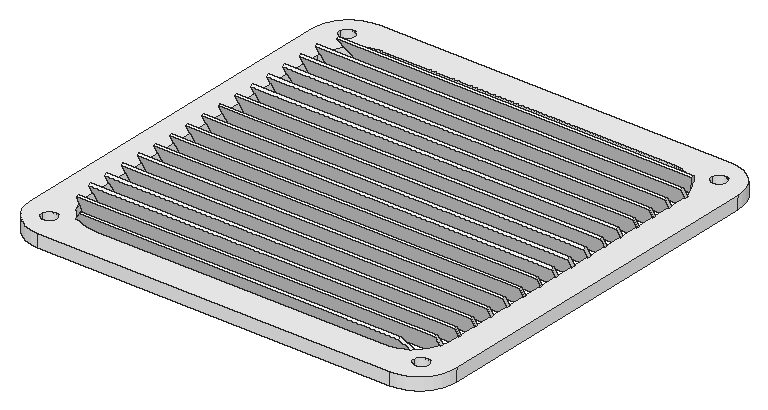
Revit family "111110004403001", category Generic Models, host Face, Revit 2018
Family settings
  Host = Face
  Can host rebar = No
  Round Connector Dimension = Use Diameter
  Part Type = Normal
  Cut with Voids When Loaded = No
  Shared = No
  Room Calculation Point = No
Parameters (values of type "CELOSIA CON PESTANA PP 17X17CM BLANCO")
  Ventajas = ""
  Uso = "Se utiliza como sistema de ventilación en Puertas, Shaft, Muro y Tina"
  Url Ficha tecnica = "https://empresascnp.cl/wp-content/uploads//pdf/ficha-tecnica-celosia-plana-pp-15x15cm-blanco.pdf"
  Unidad = "Por unidad"
  URL = "https://www.empresascnp.cl/"
  Num SKUs = "111110004403001"
  Nombre SKU = "CELOSIA CON PESTANA PP 17X17CM BLANCO"
  Model = "CELOSIA CON PESTANA"
  Material = PP Blanco
  Largo = 170.00 mm
  Espesor = 1.00 mm
  Empresa = "CNP SPA."
  Default Elevation = 1000.00 mm
  Dureza = ""
  Dimension = 170.00 mm
  Description = "Celosía plana 17x17"
  Assembly Code = ""
  Contacto = "info@empresascnp.cl"
  Color = "Blanco"
  Aplicacion = "Se utiliza como sistema de ventilación en puertas, muro y tinas"
Reference planes
  plane 1: z = 0
  plane 2 "level above": z = 15
  plane 3 "level below": z = -50
  plane 4 "izq": x = -176.738
  plane 5: y = 105.02
  plane 6: y = 20.02
  plane 7: y = 30.02
  plane 8: y = 10.02
  plane 9: x = -91.738
  plane 10: x = -81.738
  plane 11: x = -101.738
  plane 12: y = -64.98
  plane 13 "2": x = -6.738
  plane 14: y = 92.939
  plane 15: x = -164.656
  plane 16: x = -18.82
Forms (mm)
  Extrusion 1, solid, material "PP Blanco" <- "Material"
    sketch origin (0, 0, -15) x (1, 0, 0) y (0, 1, 0)
      loop
        arc (-161.738, 105.02) -> (-172.345, 100.627) -> (-176.738, 90.02) r 15
        line (-176.738, 90.02) -> (-176.738, -49.98)
        arc (-176.738, -49.98) -> (-172.345, -60.586) -> (-161.738, -64.98) r 15
        line (-161.738, -64.98) -> (-21.738, -64.98)
        arc (-21.738, -64.98) -> (-11.132, -60.586) -> (-6.738, -49.98) r 15
        line (-6.738, -49.98) -> (-6.738, 90.02)
        arc (-6.738, 90.02) -> (-11.132, 100.627) -> (-21.738, 105.02) r 15
        line (-21.738, 105.02) -> (-161.738, 105.02)
      loop
        circle (-165.906, 94.189) r 3
      loop
        circle (-17.57, 94.189) r 3
      loop
        circle (-165.906, -54.148) r 3
      loop
        circle (-17.57, -54.148) r 3
      loop
        arc (-149.031, 92.939) -> (-160.08, 88.362) -> (-164.656, 77.313) r 15.625
        line (-164.656, 77.313) -> (-164.656, -37.272)
        arc (-164.656, -37.272) -> (-160.08, -48.321) -> (-149.031, -52.898) r 15.625
        line (-149.031, -52.898) -> (-34.445, -52.898)
        arc (-34.445, -52.898) -> (-23.397, -48.321) -> (-18.82, -37.272) r 15.625
        line (-18.82, -37.272) -> (-18.82, 77.313)
        arc (-18.82, 77.313) -> (-23.397, 88.362) -> (-34.445, 92.939) r 15.625
        line (-34.445, 92.939) -> (-149.031, 92.939)
    from 15 to 20
  Revolve 2, void, not visible
    sketch origin (-150.829, 0, 5) x (-1, 0, 0) y (0, 1, 0)
      loop
        line (-149.164, 92.939) -> (-149.164, 94.562) -> (-184.164, 94.562) -> (-184.164, 77.939) -> (-164.164, 77.939)
        arc (-164.164, 77.939) -> (-159.771, 88.545) -> (-149.164, 92.939) r 15
      axis (-149.164, 94.562) -> (-149.164, 77.939)
    angle from 0 to -90
  Extrusion 3, solid, not visible
    sketch origin (-176.738, 0, 5) x (0, 1, 0) y (0, 0, 1)
      loop
        line (77.939, 15) -> (77.939, 0) -> (92.939, 0)
        arc (92.939, 0) -> (88.545, 10.607) -> (77.939, 15) r 15
    from 12.574 to 190.074
  Revolve 4, void, not visible
    sketch origin (0, 0, 5) x (1, 0, 0) y (0, 1, 0)
      loop
        line (-149.164, 92.939) -> (-149.164, 94.493) -> (-184.164, 94.493) -> (-184.164, 77.939) -> (-164.164, 77.939)
        arc (-164.164, 77.939) -> (-159.771, 88.545) -> (-149.164, 92.939) r 15
      axis (-149.164, 94.493) -> (-149.164, 77.939)
    angle from 0 to -90
  Extrusion 5, solid, material "PP Blanco" <- "Material"
    sketch origin (0, 52.319, 67.456) x (1, 0, 0) y (0, 0.48481, -0.87462)
      loop
        line (-158.215, 77.313) -> (-162.46, 67.313) -> (-21.008, 67.313) -> (-25.252, 77.313) -> (-158.215, 77.313)
    from 0 to 1
  Extrusion 6, solid, material "PP Blanco" <- "Material"
    sketch origin (0, -84.798, 67.456) x (1, 0, 0) y (0, 0.48481, -0.87462)
      loop
        line (-162.839, 77.313) -> (-155.574, 67.313) -> (-28.272, 67.313) -> (-21.006, 77.313) -> (-162.839, 77.313)
    from 0 to 1
  Extrusion 7, solid, material "PP Blanco" <- "Material"
    sketch origin (0, 44.253, 67.456) x (1, 0, 0) y (0, 0.48481, -0.87462)
      loop
        line (-164.656, 77.313) -> (-164.656, 67.313) -> (-18.82, 67.313) -> (-18.82, 77.313) -> (-164.656, 77.313)
    from 0 to 1
  Extrusion 8, solid, material "PP Blanco" <- "Material"
    sketch origin (0, 36.187, 67.456) x (1, 0, 0) y (0, 0.48481, -0.87462)
      loop
        line (-164.656, 77.313) -> (-164.656, 67.313) -> (-18.82, 67.313) -> (-18.82, 77.313) -> (-164.656, 77.313)
    from 0 to 1
  Extrusion 9, solid, material "PP Blanco" <- "Material"
    sketch origin (0, 28.122, 67.456) x (1, 0, 0) y (0, 0.48481, -0.87462)
      loop
        line (-164.656, 77.313) -> (-164.656, 67.313) -> (-18.82, 67.313) -> (-18.82, 77.313) -> (-164.656, 77.313)
    from 0 to 1
  Extrusion 10, solid, material "PP Blanco" <- "Material"
    sketch origin (0, 20.056, 67.456) x (1, 0, 0) y (0, 0.48481, -0.87462)
      loop
        line (-164.656, 77.313) -> (-164.656, 67.313) -> (-18.82, 67.313) -> (-18.82, 77.313) -> (-164.656, 77.313)
    from 0 to 1
  Extrusion 11, solid, material "PP Blanco" <- "Material"
    sketch origin (0, 11.99, 67.456) x (1, 0, 0) y (0, 0.48481, -0.87462)
      loop
        line (-164.656, 77.313) -> (-164.656, 67.313) -> (-18.82, 67.313) -> (-18.82, 77.313) -> (-164.656, 77.313)
    from 0 to 1
  Extrusion 12, solid, material "PP Blanco" <- "Material"
    sketch origin (0, 3.925, 67.456) x (1, 0, 0) y (0, 0.48481, -0.87462)
      loop
        line (-164.656, 77.313) -> (-164.656, 67.313) -> (-18.82, 67.313) -> (-18.82, 77.313) -> (-164.656, 77.313)
    from 0 to 1
  Extrusion 13, solid, material "PP Blanco" <- "Material"
    sketch origin (0, -4.141, 67.456) x (1, 0, 0) y (0, 0.48481, -0.87462)
      loop
        line (-164.656, 77.313) -> (-164.656, 67.313) -> (-18.82, 67.313) -> (-18.82, 77.313) -> (-164.656, 77.313)
    from 0 to 1
  Extrusion 14, solid, material "PP Blanco" <- "Material"
    sketch origin (0, -12.207, 67.456) x (1, 0, 0) y (0, 0.48481, -0.87462)
      loop
        line (-164.656, 77.313) -> (-164.656, 67.313) -> (-18.82, 67.313) -> (-18.82, 77.313) -> (-164.656, 77.313)
    from 0 to 1
  Extrusion 15, solid, material "PP Blanco" <- "Material"
    sketch origin (0, -20.272, 67.456) x (1, 0, 0) y (0, 0.48481, -0.87462)
      loop
        line (-164.656, 77.313) -> (-164.656, 67.313) -> (-18.82, 67.313) -> (-18.82, 77.313) -> (-164.656, 77.313)
    from 0 to 1
  Extrusion 16, solid, material "PP Blanco" <- "Material"
    sketch origin (0, -28.338, 67.456) x (1, 0, 0) y (0, 0.48481, -0.87462)
      loop
        line (-164.656, 77.313) -> (-164.656, 67.313) -> (-18.82, 67.313) -> (-18.82, 77.313) -> (-164.656, 77.313)
    from 0 to 1
  Extrusion 17, solid, material "PP Blanco" <- "Material"
    sketch origin (0, -36.404, 67.456) x (1, 0, 0) y (0, 0.48481, -0.87462)
      loop
        line (-164.656, 77.313) -> (-164.656, 67.313) -> (-18.82, 67.313) -> (-18.82, 77.313) -> (-164.656, 77.313)
    from 0 to 1
  Extrusion 18, solid, material "PP Blanco" <- "Material"
    sketch origin (0, -44.469, 67.456) x (1, 0, 0) y (0, 0.48481, -0.87462)
      loop
        line (-164.656, 77.313) -> (-164.656, 67.313) -> (-18.82, 67.313) -> (-18.82, 77.313) -> (-164.656, 77.313)
    from 0 to 1
  Extrusion 19, solid, material "PP Blanco" <- "Material"
    sketch origin (0, -52.535, 67.456) x (1, 0, 0) y (0, 0.48481, -0.87462)
      loop
        line (-164.656, 77.313) -> (-164.656, 67.313) -> (-18.82, 67.313) -> (-18.82, 77.313) -> (-164.656, 77.313)
    from 0 to 1
  Extrusion 20, solid, material "PP Blanco" <- "Material"
    sketch origin (0, -60.601, 67.456) x (1, 0, 0) y (0, 0.48481, -0.87462)
      loop
        line (-164.656, 77.313) -> (-164.656, 67.313) -> (-18.82, 67.313) -> (-18.82, 77.313) -> (-164.656, 77.313)
    from 0 to 1
  Extrusion 21, solid, material "PP Blanco" <- "Material"
    sketch origin (0, -68.666, 67.456) x (1, 0, 0) y (0, 0.48481, -0.87462)
      loop
        line (-164.656, 77.313) -> (-164.656, 67.313) -> (-18.82, 67.313) -> (-18.82, 77.313) -> (-164.656, 77.313)
    from 0 to 1
  Extrusion 22, solid, material "PP Blanco" <- "Material"
    sketch origin (0, -76.732, 67.456) x (1, 0, 0) y (0, 0.48481, -0.87462)
      loop
        line (-164.656, 77.313) -> (-163.073, 67.313) -> (-20.404, 67.313) -> (-18.82, 77.313) -> (-164.656, 77.313)
    from 0 to 1
Lines and regions (mm)
  model lines, not visible
    curve 1: line (-164.164, 92.939, 0) -> (13.336, 92.939, 0)
    curve 2: line (13.336, 92.939, 0) -> (13.336, 77.939, 0)
    curve 3: line (13.336, 77.939, 0) -> (-164.164, 77.939, 0)
    curve 4: line (-164.164, 77.939, 0) -> (-164.164, 92.939, 0)
Dimensions and locks
  locked: plane 2 "level above" to level at 15
  locked: level to plane 3 "level below" at 50
  equal spacing: plane 12, plane 6, plane 5
  equal spacing: plane 7, plane 6, plane 8, locked at 10 each
  equal spacing: plane 4 "izq", plane 9, plane 13 "2"
  plane 11 to plane 9 to plane 10 = 10.00 mm locked, 10.00 mm locked
  aligned and locked: plane 1 to host face
  aligned and locked: level to host face
Automatic sketch dimensions
  host sketch curve to host sketch curve = 1289.05 mm
  host sketch curve to host sketch curve = 1238.25 mm
  Extrusion 1 sketch curve to plane 4 "izq" = 0.00 mm
  Extrusion 1 sketch curve to plane 14 = 1.25 mm  (x2)
  Extrusion 1 sketch curve to plane 15 = 1.25 mm  (x2)
  Extrusion 1 sketch curve to plane 15 = 0.00 mm
  plane 5 to Extrusion 1 sketch curve = 0.00 mm
  plane 12 to Extrusion 1 sketch curve = 0.00 mm
  plane 14 to Extrusion 1 sketch curve = 0.00 mm
  Extrusion 1 sketch curve to plane 16 = 1.25 mm  (x2)
  Extrusion 1 sketch curve to plane 16 = 0.00 mm
  Extrusion 1 sketch curve to plane 13 "2" = 0.00 mm
  plane 15 to Extrusion 1 sketch curve = 2.918 mm  (x2)
  Extrusion 1 sketch curve to Extrusion 1 sketch curve = 12.707 mm  (x2)
  Extrusion 1 sketch curve to Extrusion 1 sketch curve = 15.625 mm  (x2)
  plane 16 to Extrusion 1 sketch curve = 2.918 mm  (x2)
  Extrusion 1 sketch curve to plane 12 = 12.082 mm
  Extrusion 1 sketch curve to Extrusion 1 sketch curve = 4.168 mm  (x2)
  Extrusion 7 sketch curve to Extrusion 7 sketch curve = 145.836 mm
  Extrusion 7 sketch curve to Extrusion 7 sketch curve = 10.00 mm
  Extrusion 8 sketch curve to Extrusion 8 sketch curve = 145.836 mm
  Extrusion 8 sketch curve to Extrusion 8 sketch curve = 10.00 mm
  Extrusion 9 sketch curve to Extrusion 9 sketch curve = 145.836 mm
  Extrusion 9 sketch curve to Extrusion 9 sketch curve = 10.00 mm
  Extrusion 10 sketch curve to Extrusion 10 sketch curve = 145.836 mm
  Extrusion 10 sketch curve to Extrusion 10 sketch curve = 10.00 mm
  Extrusion 11 sketch curve to Extrusion 11 sketch curve = 145.836 mm
  Extrusion 11 sketch curve to Extrusion 11 sketch curve = 10.00 mm
  Extrusion 12 sketch curve to Extrusion 12 sketch curve = 145.836 mm
  Extrusion 12 sketch curve to Extrusion 12 sketch curve = 10.00 mm
  Extrusion 13 sketch curve to Extrusion 13 sketch curve = 145.836 mm
  Extrusion 13 sketch curve to Extrusion 13 sketch curve = 10.00 mm
  Extrusion 14 sketch curve to Extrusion 14 sketch curve = 145.836 mm
  Extrusion 14 sketch curve to Extrusion 14 sketch curve = 10.00 mm
  Extrusion 15 sketch curve to Extrusion 15 sketch curve = 145.836 mm
  Extrusion 15 sketch curve to Extrusion 15 sketch curve = 10.00 mm
  Extrusion 16 sketch curve to Extrusion 16 sketch curve = 145.836 mm
  Extrusion 16 sketch curve to Extrusion 16 sketch curve = 10.00 mm
  Extrusion 17 sketch curve to Extrusion 17 sketch curve = 145.836 mm
  Extrusion 17 sketch curve to Extrusion 17 sketch curve = 10.00 mm
  Extrusion 18 sketch curve to Extrusion 18 sketch curve = 145.836 mm
  Extrusion 18 sketch curve to Extrusion 18 sketch curve = 10.00 mm
  Extrusion 19 sketch curve to Extrusion 19 sketch curve = 145.836 mm
  Extrusion 19 sketch curve to Extrusion 19 sketch curve = 10.00 mm
  Extrusion 20 sketch curve to Extrusion 20 sketch curve = 145.836 mm
  Extrusion 20 sketch curve to Extrusion 20 sketch curve = 10.00 mm
  Extrusion 21 sketch curve to Extrusion 21 sketch curve = 145.836 mm
  Extrusion 21 sketch curve to Extrusion 21 sketch curve = 10.00 mm
  plane 15 to Extrusion 5 sketch curve = 6.441 mm
  plane 15 to Extrusion 5 sketch curve = 2.197 mm
  plane 16 to Extrusion 5 sketch curve = 6.432 mm
  plane 16 to Extrusion 5 sketch curve = 2.187 mm
  Extrusion 5 sketch curve to Extrusion 5 sketch curve = 10.00 mm
  plane 16 to Extrusion 6 sketch curve = 9.452 mm
  plane 15 to Extrusion 6 sketch curve = 1.817 mm
  plane 15 to Extrusion 6 sketch curve = 9.083 mm
  plane 16 to Extrusion 6 sketch curve = 2.186 mm
  Extrusion 6 sketch curve to Extrusion 6 sketch curve = 10.00 mm
  Extrusion 22 sketch curve to plane 15 = 0.00 mm
  Extrusion 22 sketch curve to plane 16 = 0.00 mm
  plane 16 to Extrusion 22 sketch curve = 1.584 mm
  Extrusion 22 sketch curve to Extrusion 22 sketch curve = 10.00 mm
  plane 15 to Extrusion 22 sketch curve = 1.584 mm
  radius of Extrusion 1 sketch curve = 3.00 mm  (x4)
